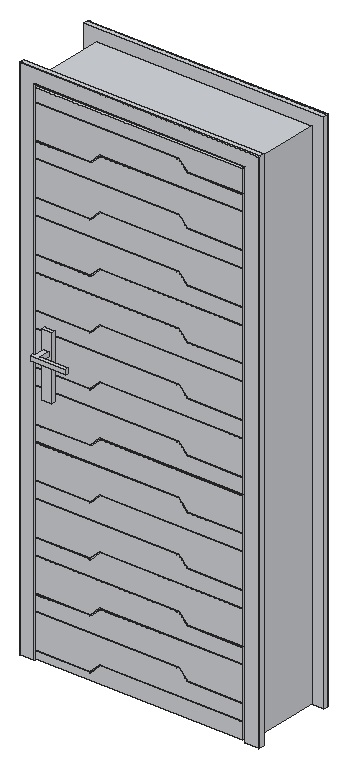
Revit family "PortaVECTORbp_J", category Drzwi, Revit 2016
Family settings
  Obiekt nadrzędny = Ściana
  Zawsze pionowo = Tak
  Tnij formami wycięć po wczytaniu = Nie
  Współdzielony = Nie
  Punkt obliczania pomieszczeń = Nie
Parameters (values of type "PN 80")
  Zakres szerokości muru [instance] = if(and(Szerokość ściany > 94 mm, Szerokość ściany < 120 mm), "B", (if(and(Szerokość ściany > 119 mm, Szerokość ściany < 140 mm), "C", (if(and(Szerokość ściany > 139 mm, Szerokość ściany < 160 mm), "D", (if(and(Szerokość ściany > 159 mm, Szerokość ściany < 180 mm), "E", (if(and(Szerokość ściany > 179 mm, Szerokość ściany < 200 mm), "F", (if(and(Szerokość ściany > 199 mm, Szerokość ściany < 220 mm), "G", (if(and(Szerokość ściany > 219 mm, Szerokość ściany < 240 mm), "H", (if(and(Szerokość ściany > 239 mm, Szerokość ściany < 260 mm), "I", (if(and(Szerokość ściany > 259 mm, Szerokość ściany < 280 mm), "J", (if(and(Szerokość ściany > 279 mm, Szerokość ściany < 301 mm), "K", "BRAK")))))))))))))))))))  # "K"
  Wysokość brutto = 2060 mm
  Szerokość ściany [instance] = 300 mm
  Szerokość brutto = 880 mm
  Model = "Porta Vector J"
  Konstrukcja analityczna = "<Brak>"
  Funkcja = Wewnętrzna
  URL = "www.porta.com.pl"
  Ss = 818 mm
  Sb = 846 mm
  Producent = "PORTA KMI POLAND"
  Keynote = ""
  Opis = "Własność Porta KMI Poland, wszelkie prawa zastrzeżone."  # constant formula
  Wysokość = 2016 mm
  Zakończenie ściany = Wg obiektu nadrzędnego
  Szerokość = 800 mm
  Materiał_skrzydło [instance] = none
  Materiał_ościeżnica [instance] = none
  Materiał_klamka [instance] = none
  Hs = 2017 mm
Types (5, lengths in mm): name | Szerokość brutto | Ss | Sb | Szerokość
  PN 70 | 780 | 718 | 746 | 700
  PN 60 | 680 | 618 | 646 | 600
  PN 80 | 880 | 818 | 846 | 800
  PN 90 | 980 | 918 | 946 | 900
  PN 100 | 1080 | 1018 | 1046 | 1000
Reference planes
  plane 1: y = 0
  plane 2 "Środek (Lewa/Prawa)": x = 0
  plane 3 "Lewy": x = -440
  plane 4 "Prawy": x = 440
  plane 5: z = 2060
  plane 6 "Zewnętrzna": y = 150
  plane 7 "Wewnętrzna": y = -150
  plane 8 "skrzydło": y = -129
Forms (mm)
  Sweep 1, solid, material <- "Materiał_ościeżnica"
    path in 3D
      loop
        line (-440, -150, 0) -> (-440, -150, 2060) -> (440, -150, 2060) -> (440, -150, 0)
    profile origin (-440, -150, 1030) x (0, -1, 0) y (1, 0, 0)
      loop
        line (-24, 39) -> (-72, 39) -> (-72, 17) -> (0, 17) -> (0, -33) -> (16, -33)
        arc (16, -33) -> (18.121, -32.121) -> (19, -30) r 3
        line (19, -30) -> (19, 24)
        arc (19, 24) -> (18.121, 26.121) -> (16, 27) r 3
        line (16, 27) -> (-24, 27) -> (-24, 39)
  Sweep 2, solid, material <- "Materiał_ościeżnica"
    path in 3D
      loop
        line (440, 150, 0) -> (440, 150, 2060) -> (-440, 150, 2060) -> (-440, 150, 0)
    profile origin (-440, 150, 1030) x (1, 0, 0) y (0, 1, 0)
      loop
        line (-33, 0) -> (17, 0) -> (17, -228) -> (39, -228) -> (39, -1)
        arc (39, -1) -> (37.536, 2.536) -> (34, 4) r 5
        line (34, 4) -> (25, 4) -> (25, 16)
        arc (25, 16) -> (24.121, 18.121) -> (22, 19) r 3
        line (22, 19) -> (-30, 19)
        arc (-30, 19) -> (-32.121, 18.121) -> (-33, 16) r 3
        line (-33, 16) -> (-33, 0)
  Sweep 3, solid, not visible
    path in 3D
      loop
        line (-440, -150, 0) -> (-440, -150, 2060)
    profile origin (-440, -150, 1030) x (0, -1, 0) y (1, 0, 0)
      loop
        line (-151, 17) -> (-149, 17) -> (-149, 19) -> (-151, 19) -> (-151, 17)
Cuts and joins
  joined: Sweep 1, Sweep 2
Lines and regions (mm)
  Opening 1
    outline origin (-3050, -150, 0) x (1, 0, 0) y (0, 0, 1)
      loop
        line (2610, 0) -> (3490, 0) -> (3490, 2060) -> (2610, 2060) -> (2610, 0)
  sketch lines
    curve 1: line (-440, -150, 0) -> (-440, -150, 2060)
    curve 2: line (-440, -150, 2060) -> (440, -150, 2060)
    curve 3: line (440, -150, 2060) -> (440, -150, 0)
    curve 4: line (-440, 150, 2060) -> (-440, 150, 0)
    curve 5: line (440, 150, 2060) -> (-440, 150, 2060)
    curve 6: line (440, 150, 0) -> (440, 150, 2060)
    curve 12: line (-440, -150, 0) -> (-440, -150, 2060)
  symbolic lines, style "DoorsPanelProjection"
    curve 7: line (409, -150, 0) -> (409, -968, 0)
    curve 8: line (409, -968, 0) -> (369, -968, 0)
    curve 9: line (369, -968, 0) -> (369, -150, 0)
    curve 10: line (369, -150, 0) -> (409, -150, 0)
  symbolic lines, style "Ugięcie rzutu"
    curve 11: arc (-409, -150, 0) -> (-169.413, -728.413, 0) -> (409, -968, 0) r 818
Text (mm)
  text "Zewnętrzna" at (-2295.016, 1099.543, 0), in view "Poziom odniesienia"
  text "Zewnętrzna" at (0, 1615.38, 3698.081), in view "Lewy"
  text "Zewnętrzna" at (0, 1036.032, 3874.932), in view "Prawy"
Dimensions and locks
  equal spacing: plane 3 "Lewy", plane 2 "Środek (Lewa/Prawa)", plane 4 "Prawy"
  "Szerokość brutto": plane 3 "Lewy" to plane 4 "Prawy"
  "Wysokość brutto": plane 5 to host wall
  host wall to plane 5 = 2060 mm  (x2)
  locked: plane 6 "Zewnętrzna" to host wall at 0
  locked: plane 7 "Wewnętrzna" to host wall
  "Sb": Sweep 1 to Sweep 1
  locked: Sweep 1 sketch curve to Sweep 1 sketch curve at 22
  Sweep 1 sketch curve to Sweep 1 sketch curve = 50 mm
  locked: Sweep 1 sketch curve to profile plane at 72
  locked: Sweep 2 sketch curve to Sweep 2 sketch curve at 50
  locked: Sweep 2 sketch curve to Sweep 2 sketch curve at 22
  locked: Sweep 2 sketch curve to plane 6 "Zewnętrzna" at 1
  locked: curve 9 to curve 7 at 40
  "Ss": curve 8 to curve 10
  equal spacing: curve 11, plane 2 "Środek (Lewa/Prawa)", curve 7
  locked: plane 7 "Wewnętrzna" to plane 8 "skrzydło" at 21
  locked: host wall to Sweep 3 sketch curve at 1
  locked: Sweep 3 sketch curve to host wall at 1
  locked: Sweep 3 sketch curve to plane 6 "Zewnętrzna" at 151
  locked: plane 7 "Wewnętrzna" to Sweep 3 sketch curve at 151
  nested 1 to plane 2 "Środek (Lewa/Prawa)" to nested 1 = 409 mm, 409 mm
  locked: nested 1 to level at 8
  "Szerokość ściany": host wall to host wall
  aligned and locked: plane 3 "Lewy" to Opening 1 sketch curve
  aligned and locked: plane 5 to Opening 1 sketch curve  (x2)
  aligned and locked: Opening 1 sketch curve to plane 4 "Prawy"
  aligned and locked: Opening 1 sketch curve to level
  aligned and locked: plane 1 to host wall
  aligned and locked: Sweep 1 to Sweep 2 sketch curve
  aligned and locked: plane 7 "Wewnętrzna" to curve 10
  aligned and locked: Sweep 3 sketch curve to cut or joined group of Sweep 1, Sweep 2
  aligned and locked: Sweep 2 sketch curve to cut or joined group of Sweep 1, Sweep 2
  aligned and locked: nested 1 to plane 8 "skrzydło"
  aligned and locked: plane 2 "Środek (Lewa/Prawa)" to nested 1
Automatic sketch dimensions
  profile plane to Sweep 1 sketch curve = 24 mm
  Sweep 1 sketch curve to profile plane = 16 mm  (x2)
  Sweep 1 sketch curve to Sweep 1 sketch curve = 3 mm
  profile plane to Sweep 1 sketch curve = 17 mm
  Sweep 1 sketch curve to Sweep 1 sketch curve = 7 mm
  Sweep 1 sketch curve to profile plane = 0 mm
  Sweep 2 sketch curve to profile plane = 0 mm
  Sweep 2 sketch curve to profile plane = 16 mm
  Sweep 2 sketch curve to Sweep 2 sketch curve = 3 mm
  Sweep 2 sketch curve to Sweep 2 sketch curve = 5 mm
  Sweep 2 sketch curve to profile plane = 4 mm
  Sweep 2 sketch curve to Sweep 2 sketch curve = 8 mm
  curve 11 to host wall = 0 mm
  Sweep 3 sketch curve to Sweep 3 sketch curve = 2 mm
Nested families
  nested 1: "skrzydło" at (0, -135.5, 0), Materiał_klamka <- "Materiał_klamka", Materiał_skrzydło <- "Materiał_skrzydło", type "skrzydło"
    with Materiał_skrzydło none, Materiał_klamka none, Ss 818 mm
Definition of nested family "skrzydło"
  Parameters
    Ss = 1018 mm
    Materiał_skrzydło [instance] = none
    Materiał_klamka [instance] = none
    Hs = 2017 mm
  Reference planes
    plane 1 "Tył": y = 6.5
    plane 2: z = 0
    plane 3 "Środek (Lewa/Prawa)": x = 0
    plane 4 "Przód": y = -33.5
    plane 5: z = 2025
    plane 6 "Centrum": y = -13.5
    plane 7: z = 8
    plane 8: x = -509
    plane 9: x = 509
  Forms (mm)
    Extrusion 1, solid, material <- "Materiał_skrzydło"
      sketch origin (-1191.728, -1524, 8) x (-1, 0, 0) y (0, -1, 0)
        loop
          line (-1700.728, -1490.5) -> (-1700.728, -1530.5) -> (-682.728, -1530.5) -> (-682.728, -1490.5) -> (-1700.728, -1490.5)
      from 0 to 2017
    Extrusion 2, void
      sketch origin (-2050.117, -33.5, 1200) x (1, 0, 0) y (0, 0, 1)
        loop
          line (2608.916, -1124.2) -> (1895.3, -1124.199) -> (1858.429, -1161.066) -> (1491.323, -1161.07) -> (1491.323, -1165.07) -> (1860.086, -1165.066) -> (1896.956, -1128.199) -> (2608.916, -1128.2) -> (2608.916, -1124.2)
        loop
          line (2240.158, -1065.066) -> (2608.921, -1065.07) -> (2608.921, -1061.07) -> (2241.815, -1061.066) -> (2204.945, -1024.199) -> (1491.328, -1024.2) -> (1491.328, -1028.2) -> (2203.288, -1028.199) -> (2240.158, -1065.066)
        loop
          line (2608.916, -924.2) -> (1895.3, -924.199) -> (1858.429, -961.066) -> (1491.323, -961.07) -> (1491.323, -965.07) -> (1860.086, -965.066) -> (1896.956, -928.199) -> (2608.916, -928.2) -> (2608.916, -924.2)
        loop
          line (2608.916, -724.2) -> (1895.3, -724.199) -> (1858.429, -761.066) -> (1491.323, -761.07) -> (1491.323, -765.07) -> (1860.086, -765.066) -> (1896.956, -728.199) -> (2608.916, -728.2) -> (2608.916, -724.2)
        loop
          line (2608.916, -524.2) -> (1895.3, -524.199) -> (1858.429, -561.066) -> (1491.323, -561.07) -> (1491.323, -565.07) -> (1860.086, -565.066) -> (1896.956, -528.199) -> (2608.916, -528.2) -> (2608.916, -524.2)
        loop
          line (2608.916, -324.2) -> (1895.3, -324.199) -> (1858.429, -361.066) -> (1491.323, -361.07) -> (1491.323, -365.07) -> (1860.086, -365.066) -> (1896.956, -328.199) -> (2608.916, -328.2) -> (2608.916, -324.2)
        loop
          line (2608.916, -124.2) -> (1895.3, -124.199) -> (1858.429, -161.066) -> (1491.323, -161.07) -> (1491.323, -165.07) -> (1860.086, -165.066) -> (1896.956, -128.199) -> (2608.916, -128.2) -> (2608.916, -124.2)
        loop
          line (2608.916, 75.8) -> (1895.3, 75.801) -> (1858.429, 38.934) -> (1491.323, 38.93) -> (1491.323, 34.93) -> (1860.086, 34.934) -> (1896.956, 71.801) -> (2608.916, 71.8) -> (2608.916, 75.8)
        loop
          line (2608.916, 275.8) -> (1895.3, 275.801) -> (1858.429, 238.934) -> (1491.323, 238.93) -> (1491.323, 234.93) -> (1860.086, 234.934) -> (1896.956, 271.801) -> (2608.916, 271.8) -> (2608.916, 275.8)
        loop
          line (2608.916, 475.8) -> (1895.3, 475.801) -> (1858.429, 438.934) -> (1491.323, 438.93) -> (1491.323, 434.93) -> (1860.086, 434.934) -> (1896.956, 471.801) -> (2608.916, 471.8) -> (2608.916, 475.8)
        loop
          line (2608.916, 675.8) -> (1895.3, 675.801) -> (1858.429, 638.934) -> (1491.323, 638.93) -> (1491.323, 634.93) -> (1860.086, 634.934) -> (1896.956, 671.801) -> (2608.916, 671.8) -> (2608.916, 675.8)
        loop
          line (2240.158, -865.066) -> (2608.921, -865.07) -> (2608.921, -861.07) -> (2241.815, -861.066) -> (2204.945, -824.199) -> (1491.328, -824.2) -> (1491.328, -828.2) -> (2203.288, -828.199) -> (2240.158, -865.066)
        loop
          line (2240.158, -665.066) -> (2608.921, -665.07) -> (2608.921, -661.07) -> (2241.815, -661.066) -> (2204.945, -624.199) -> (1491.328, -624.2) -> (1491.328, -628.2) -> (2203.288, -628.199) -> (2240.158, -665.066)
        loop
          line (2240.158, -465.066) -> (2608.921, -465.07) -> (2608.921, -461.07) -> (2241.815, -461.066) -> (2204.945, -424.199) -> (1491.328, -424.2) -> (1491.328, -428.2) -> (2203.288, -428.199) -> (2240.158, -465.066)
        loop
          line (2240.158, -265.066) -> (2608.921, -265.07) -> (2608.921, -261.07) -> (2241.815, -261.066) -> (2204.945, -224.199) -> (1491.328, -224.2) -> (1491.328, -228.2) -> (2203.288, -228.199) -> (2240.158, -265.066)
        loop
          line (2240.158, -65.066) -> (2608.921, -65.07) -> (2608.921, -61.07) -> (2241.815, -61.066) -> (2204.945, -24.199) -> (1491.328, -24.2) -> (1491.328, -28.2) -> (2203.288, -28.199) -> (2240.158, -65.066)
        loop
          line (2240.158, 134.934) -> (2608.921, 134.93) -> (2608.921, 138.93) -> (2241.815, 138.934) -> (2204.945, 175.801) -> (1491.328, 175.8) -> (1491.328, 171.8) -> (2203.288, 171.801) -> (2240.158, 134.934)
        loop
          line (2240.158, 334.934) -> (2608.921, 334.93) -> (2608.921, 338.93) -> (2241.815, 338.934) -> (2204.945, 375.801) -> (1491.328, 375.8) -> (1491.328, 371.8) -> (2203.288, 371.801) -> (2240.158, 334.934)
        loop
          line (2240.158, 534.934) -> (2608.921, 534.93) -> (2608.921, 538.93) -> (2241.815, 538.934) -> (2204.945, 575.801) -> (1491.328, 575.8) -> (1491.328, 571.8) -> (2203.288, 571.801) -> (2240.158, 534.934)
        loop
          line (2240.158, 734.934) -> (2608.921, 734.93) -> (2608.921, 738.93) -> (2241.815, 738.934) -> (2204.945, 775.801) -> (1491.328, 775.8) -> (1491.328, 771.8) -> (2203.288, 771.801) -> (2240.158, 734.934)
      from -1 to 10
    Extrusion 3, void
      sketch origin (-2050.117, 6.5, 1200) x (1, 0, 0) y (0, 0, -1)
        loop
          line (2608.916, 1124.2) -> (2608.916, 1128.2) -> (1896.956, 1128.199) -> (1860.086, 1165.066) -> (1491.323, 1165.07) -> (1491.323, 1161.07) -> (1858.429, 1161.066) -> (1895.3, 1124.199) -> (2608.916, 1124.2)
        loop
          line (2240.158, 1065.066) -> (2203.288, 1028.199) -> (1491.328, 1028.2) -> (1491.328, 1024.2) -> (2204.945, 1024.199) -> (2241.815, 1061.066) -> (2608.921, 1061.07) -> (2608.921, 1065.07) -> (2240.158, 1065.066)
        loop
          line (2608.916, 924.2) -> (2608.916, 928.2) -> (1896.956, 928.199) -> (1860.086, 965.066) -> (1491.323, 965.07) -> (1491.323, 961.07) -> (1858.429, 961.066) -> (1895.3, 924.199) -> (2608.916, 924.2)
        loop
          line (2608.916, 724.2) -> (2608.916, 728.2) -> (1896.956, 728.199) -> (1860.086, 765.066) -> (1491.323, 765.07) -> (1491.323, 761.07) -> (1858.429, 761.066) -> (1895.3, 724.199) -> (2608.916, 724.2)
        loop
          line (2608.916, 524.2) -> (2608.916, 528.2) -> (1896.956, 528.199) -> (1860.086, 565.066) -> (1491.323, 565.07) -> (1491.323, 561.07) -> (1858.429, 561.066) -> (1895.3, 524.199) -> (2608.916, 524.2)
        loop
          line (2608.916, 324.2) -> (2608.916, 328.2) -> (1896.956, 328.199) -> (1860.086, 365.066) -> (1491.323, 365.07) -> (1491.323, 361.07) -> (1858.429, 361.066) -> (1895.3, 324.199) -> (2608.916, 324.2)
        loop
          line (2608.916, 124.2) -> (2608.916, 128.2) -> (1896.956, 128.199) -> (1860.086, 165.066) -> (1491.323, 165.07) -> (1491.323, 161.07) -> (1858.429, 161.066) -> (1895.3, 124.199) -> (2608.916, 124.2)
        loop
          line (2608.916, -75.8) -> (2608.916, -71.8) -> (1896.956, -71.801) -> (1860.086, -34.934) -> (1491.323, -34.93) -> (1491.323, -38.93) -> (1858.429, -38.934) -> (1895.3, -75.801) -> (2608.916, -75.8)
        loop
          line (2608.916, -275.8) -> (2608.916, -271.8) -> (1896.956, -271.801) -> (1860.086, -234.934) -> (1491.323, -234.93) -> (1491.323, -238.93) -> (1858.429, -238.934) -> (1895.3, -275.801) -> (2608.916, -275.8)
        loop
          line (2608.916, -475.8) -> (2608.916, -471.8) -> (1896.956, -471.801) -> (1860.086, -434.934) -> (1491.323, -434.93) -> (1491.323, -438.93) -> (1858.429, -438.934) -> (1895.3, -475.801) -> (2608.916, -475.8)
        loop
          line (2608.916, -675.8) -> (2608.916, -671.8) -> (1896.956, -671.801) -> (1860.086, -634.934) -> (1491.323, -634.93) -> (1491.323, -638.93) -> (1858.429, -638.934) -> (1895.3, -675.801) -> (2608.916, -675.8)
        loop
          line (2240.158, 865.066) -> (2203.288, 828.199) -> (1491.328, 828.2) -> (1491.328, 824.2) -> (2204.945, 824.199) -> (2241.815, 861.066) -> (2608.921, 861.07) -> (2608.921, 865.07) -> (2240.158, 865.066)
        loop
          line (2240.158, 665.066) -> (2203.288, 628.199) -> (1491.328, 628.2) -> (1491.328, 624.2) -> (2204.945, 624.199) -> (2241.815, 661.066) -> (2608.921, 661.07) -> (2608.921, 665.07) -> (2240.158, 665.066)
        loop
          line (2240.158, 465.066) -> (2203.288, 428.199) -> (1491.328, 428.2) -> (1491.328, 424.2) -> (2204.945, 424.199) -> (2241.815, 461.066) -> (2608.921, 461.07) -> (2608.921, 465.07) -> (2240.158, 465.066)
        loop
          line (2240.158, 265.066) -> (2203.288, 228.199) -> (1491.328, 228.2) -> (1491.328, 224.2) -> (2204.945, 224.199) -> (2241.815, 261.066) -> (2608.921, 261.07) -> (2608.921, 265.07) -> (2240.158, 265.066)
        loop
          line (2240.158, 65.066) -> (2203.288, 28.199) -> (1491.328, 28.2) -> (1491.328, 24.2) -> (2204.945, 24.199) -> (2241.815, 61.066) -> (2608.921, 61.07) -> (2608.921, 65.07) -> (2240.158, 65.066)
        loop
          line (2240.158, -134.934) -> (2203.288, -171.801) -> (1491.328, -171.8) -> (1491.328, -175.8) -> (2204.945, -175.801) -> (2241.815, -138.934) -> (2608.921, -138.93) -> (2608.921, -134.93) -> (2240.158, -134.934)
        loop
          line (2240.158, -334.934) -> (2203.288, -371.801) -> (1491.328, -371.8) -> (1491.328, -375.8) -> (2204.945, -375.801) -> (2241.815, -338.934) -> (2608.921, -338.93) -> (2608.921, -334.93) -> (2240.158, -334.934)
        loop
          line (2240.158, -534.934) -> (2203.288, -571.801) -> (1491.328, -571.8) -> (1491.328, -575.8) -> (2204.945, -575.801) -> (2241.815, -538.934) -> (2608.921, -538.93) -> (2608.921, -534.93) -> (2240.158, -534.934)
        loop
          line (2240.158, -734.934) -> (2203.288, -771.801) -> (1491.328, -771.8) -> (1491.328, -775.8) -> (2204.945, -775.801) -> (2241.815, -738.934) -> (2608.921, -738.93) -> (2608.921, -734.93) -> (2240.158, -734.934)
      from -1 to 10
  Cuts and joins
    Extrusion 2, Extrusion 3 cuts Extrusion 1
  Dimensions and locks
    locked: plane 7 to level at 8
    "Hs": plane 5 to plane 7
    locked: nested 1 to plane 7 at 934
    locked: plane 7 to nested 2 at 934
    equal spacing: plane 4 "Przód", plane 6 "Centrum", plane 1 "Tył"
    equal spacing: plane 8, plane 3 "Środek (Lewa/Prawa)", plane 9
    "Ss": plane 8 to plane 9
    locked: plane 8 to nested 1 at 55
    locked: plane 8 to nested 2 at 55
    aligned and locked: nested 1 to plane 4 "Przód"
    aligned and locked: plane 5 to Extrusion 1
    aligned and locked: nested 2 to nested 1
    aligned and locked: Extrusion 1 sketch curve to plane 8
    aligned and locked: Extrusion 1 sketch curve to plane 9
  Automatic sketch dimensions
    plane 1 "Tył" to Extrusion 1 sketch curve = 0 mm
    Extrusion 1 sketch curve to plane 4 "Przód" = 0 mm
    plane 8 to Extrusion 2 sketch curve = 49.794 mm  (x10)
    Extrusion 2 sketch curve to Extrusion 2 sketch curve = 0 mm  (x40)
    plane 8 to Extrusion 2 sketch curve = 49.789 mm  (x10)
    Extrusion 2 sketch curve to plane 3 "Środek (Lewa/Prawa)" = 191.688 mm  (x10)
    plane 7 to Extrusion 2 sketch curve = 30.934 mm
    Extrusion 2 sketch curve to Extrusion 2 sketch curve = 1.657 mm  (x40)
    plane 7 to Extrusion 2 sketch curve = 26.934 mm
    Extrusion 2 sketch curve to Extrusion 2 sketch curve = 36.87 mm  (x20)
    plane 7 to Extrusion 2 sketch curve = 67.801 mm
    plane 7 to Extrusion 2 sketch curve = 63.801 mm
    plane 3 "Środek (Lewa/Prawa)" to Extrusion 2 sketch curve = 153.171 mm  (x10)
    Extrusion 2 sketch curve to plane 5 = 53.199 mm
    plane 9 to Extrusion 2 sketch curve = 49.799 mm  (x10)
    plane 9 to Extrusion 2 sketch curve = 49.804 mm  (x10)
    plane 7 to Extrusion 2 sketch curve = 26.93 mm
    Extrusion 2 sketch curve to Extrusion 2 sketch curve = 4 mm  (x78)
    plane 7 to Extrusion 2 sketch curve = 63.8 mm
    Extrusion 2 sketch curve to Extrusion 2 sketch curve = 59.13 mm  (x19)
    plane 7 to Extrusion 2 sketch curve = 126.934 mm
    Extrusion 2 sketch curve to Extrusion 2 sketch curve = 132.87 mm  (x18)
    Extrusion 2 sketch curve to Extrusion 2 sketch curve = 32.866 mm  (x18)
    Extrusion 2 sketch curve to Extrusion 2 sketch curve = 159.134 mm  (x17)
    Extrusion 2 sketch curve to Extrusion 2 sketch curve = 36.866 mm
    Extrusion 2 sketch curve to plane 5 = 53.2 mm
    plane 8 to Extrusion 3 sketch curve = 49.794 mm  (x10)
    Extrusion 3 sketch curve to Extrusion 3 sketch curve = 0 mm  (x40)
    plane 8 to Extrusion 3 sketch curve = 49.789 mm  (x10)
    Extrusion 3 sketch curve to plane 3 "Środek (Lewa/Prawa)" = 191.688 mm  (x10)
    plane 7 to Extrusion 3 sketch curve = 30.934 mm
    Extrusion 3 sketch curve to Extrusion 3 sketch curve = 1.657 mm  (x40)
    plane 7 to Extrusion 3 sketch curve = 26.934 mm
    Extrusion 3 sketch curve to Extrusion 3 sketch curve = 36.87 mm  (x20)
    plane 7 to Extrusion 3 sketch curve = 67.801 mm
    plane 7 to Extrusion 3 sketch curve = 63.801 mm
    plane 3 "Środek (Lewa/Prawa)" to Extrusion 3 sketch curve = 153.171 mm  (x10)
    Extrusion 3 sketch curve to plane 5 = 53.199 mm
    plane 9 to Extrusion 3 sketch curve = 49.799 mm  (x10)
    plane 9 to Extrusion 3 sketch curve = 49.804 mm  (x10)
    Extrusion 3 sketch curve to plane 5 = 49.2 mm
    Extrusion 3 sketch curve to Extrusion 3 sketch curve = 4 mm  (x78)
    Extrusion 3 sketch curve to Extrusion 3 sketch curve = 32.866 mm  (x19)
    Extrusion 3 sketch curve to plane 5 = 86.07 mm
    Extrusion 3 sketch curve to plane 5 = 149.199 mm
    Extrusion 3 sketch curve to Extrusion 3 sketch curve = 59.13 mm  (x19)
    Extrusion 3 sketch curve to Extrusion 3 sketch curve = 132.87 mm  (x17)
    Extrusion 3 sketch curve to Extrusion 3 sketch curve = 159.134 mm  (x17)
    plane 7 to Extrusion 3 sketch curve = 130.93 mm
    plane 7 to Extrusion 3 sketch curve = 30.93 mm
  Nested families
    nested 1: "KLAMKA" at (-454, -33.5, 1067), Materiał klamki <- "Materiał_klamka", type "KLAMKA"
      with Materiał klamki none
    nested 2: "KLAMKA" at (-454, 6.5, 1067), Materiał klamki <- "Materiał_klamka", type "KLAMKA"
      with Materiał klamki none
  Definition of nested family "KLAMKA"
    Parameters
      Materiał klamki [instance] = none
      Assembly Code = ""
      Default Elevation = 1219.2 mm
    Reference planes
      plane 1 "Center (Front/Back)": y = 0
      plane 2: z = 0
      plane 3 "Center (Left/Right)": x = 0
      plane 4: z = 125
      plane 5: z = -125
      plane 6: x = 20
      plane 7: x = -20
      plane 8: y = -70
      plane 9: y = -60
      plane 10: x = 10
      plane 11: x = -10
      plane 12: x = 120
      plane 13: z = 35
      plane 14: z = 55
      plane 15: y = -15
    Forms (mm)
      Extrusion 1, solid, material <- "Materiał klamki"
        sketch origin (0, 0, 0) x (1, 0, 0) y (0, 0, 1)
          loop
            line (-20, 125) -> (-20, -125) -> (20, -125) -> (20, 125) -> (-20, 125)
        from 0 to 15
      Extrusion 2, solid, material <- "Materiał klamki"
        sketch origin (0, 0, 0) x (1, 0, 0) y (0, 1, 0)
          loop
            line (-10, -15) -> (-10, -60) -> (-20, -60) -> (-20, -70) -> (120, -70) -> (120, -60) -> (10, -60) -> (10, -15) -> (-10, -15)
        from 35 to 55
    Dimensions and locks
      equal spacing: plane 4, plane 2, plane 5
      plane 4 to plane 5 = 250 mm
      equal spacing: plane 7, plane 3 "Center (Left/Right)", plane 6
      plane 7 to plane 6 = 40 mm
      plane 8 to plane 1 "Center (Front/Back)" = 70 mm
      plane 11 to plane 3 "Center (Left/Right)" to plane 10 = 10 mm locked, 10 mm locked
      plane 7 to plane 12 = 140 mm
      plane 15 to plane 1 "Center (Front/Back)" = 15 mm
      aligned and locked: plane 7 to Extrusion 1 sketch curve
      aligned and locked: Extrusion 1 sketch curve to plane 4
      aligned and locked: plane 5 to Extrusion 1 sketch curve
      aligned and locked: Extrusion 1 sketch curve to plane 6
      aligned and locked: plane 15 to Extrusion 1
      aligned and locked: Extrusion 1 to plane 1 "Center (Front/Back)"
      aligned and locked: plane 14 to Extrusion 2
      aligned and locked: Extrusion 2 to plane 13
    Automatic sketch dimensions
      Extrusion 2 sketch curve to plane 7 = 0 mm
      Extrusion 2 sketch curve to plane 9 = 0 mm  (x2)
      Extrusion 2 sketch curve to plane 11 = 0 mm
      Extrusion 2 sketch curve to plane 10 = 0 mm
      Extrusion 2 sketch curve to plane 12 = 0 mm
      Extrusion 2 sketch curve to plane 8 = 0 mm
      Extrusion 2 sketch curve to plane 15 = 0 mm
